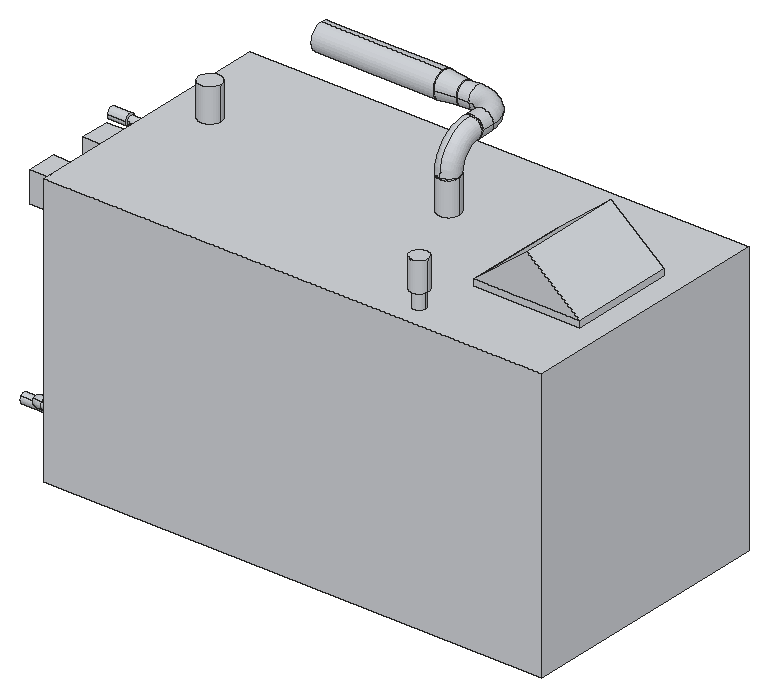
Revit family "AMP_BFIT 2000 Boiler 1", category Mechanical Equipment, Revit 2021
Family settings
  Round Connector Dimension = Use Diameter
  Part Type = Normal
  OmniClass Number = 23.75.00.00
  OmniClass Title = Climate Control (HVAC)
  Work Plane-Based = No
  Always vertical = Yes
  Cut with Voids When Loaded = No
  Shared = No
  Room Calculation Point = No
Parameters (values of type "AMP/BFIT 2000 Boiler")
  Width = 34 1/4"
  Length = 66 1/8"
  Height = 36 1/8"
  Voltage = ""
  Vent = "8\" EZ Vent"
  Manufacturer = "Bryan Steam"  # constant formula
  Hydronic Supply = "3\" Victaulic"
  Hydronic Return = "2-1/2\" Victaulic"
  Gas Train = "1-1/4\" NPT"
  Default Elevation = 0"
  Condensate Trap = "1\" Pipe"
  Boiler Drain = "3/4\" NPT"
  Air Supply = "8\""
Reference planes (in)
  plane 1 "Center (Front/Back)": y = 0
  plane 2: z = 0
  plane 3 "Center (Left/Right)": x = 0
  plane 4 "Vent": y = 3.75
  plane 5 "Condensate Trap": y = -12
  plane 6 "Supply 2.5" Victualic Elbow Style 10": x = 3.9725
  plane 7 "3" Supply Manifold": z = 44.375
  plane 8 "3" Supply Elbow Victaulic Style 10": y = 12.875
  plane 9 "Condensate Height": z = 5.75
  plane 10 "Condensate Angle": through (0, -12, 5.75) normal (0, -0.6203, -0.7843)
Forms (in)
  Extrusion 1, solid
    sketch origin (0, 0, 0) x (1, 0, 0) y (0, 1, 0)
      loop
        line (-33.0625, 17.125) -> (-33.0625, -17.125) -> (33.0625, -17.125) -> (33.0625, 17.125) -> (-33.0625, 17.125)
    from 0 to 36.125
  Extrusion 2, solid
    sketch origin (0, 0, 36.125) x (1, 0, 0) y (0, 1, 0)
      loop
        line (15.9665, 6.875) -> (15.9665, -7.125) -> (30.0625, -7.125) -> (30.0625, 6.875) -> (15.9665, 6.875)
    from 0 to 0.85156
  Extrusion 3, solid
    sketch origin (30.0625, -7.125, 36.125) x (-1, 0, 0) y (0, 0, -1)
      loop
        line (14.096, -0.85156) -> (0, -0.85156) -> (7.048, -6.57727) -> (14.096, -0.85156)
    from 0 to -14
  Extrusion 4, solid
    sketch origin (0, 0, 36.125) x (1, 0, 0) y (0, 1, 0)
      loop
        circle (-27.6875, 3.75) r 1.4375
      loop
        circle (3.9725, 3.75) r 1.4375
    from 0 to 4.375
  Extrusion 5, solid
    sketch origin (-33.0625, -17.125, 0) x (0, 1, 0) y (0, 0, -1)
      loop
        circle (28.125, -11.125) r 3.9375
      loop
        circle (28.125, -11.125) r 3.71875
    from 0 to 6.25
  Sweep 6, solid
    path origin (3.9725, 0, 0) x (0, 1, 0) y (0, 0, 1)
      loop
        line (3.72786, 40.5) -> (3.72786, 40.65)
        arc (3.72786, 40.65) -> (4.82621, 43.30165) -> (7.47786, 44.4) r 3.75
        line (7.47786, 44.4) -> (7.62786, 44.4)
    profile origin (3.9725, 3.72786, 40.575) x (0, -1, 0) y (1, 0, 0)
      loop
        circle (0, 0) r 1.41931
  Sweep 7, solid
    path origin (0, 0, 44.375) x (1, 0, 0) y (0, 1, 0)
      loop
        line (3.9725, 7.62786) -> (3.9725, 9.37786)
        arc (3.9725, 9.37786) -> (2.94737, 11.85273) -> (0.4725, 12.87786) r 3.5
        line (0.4725, 12.87786) -> (-1.1525, 12.87786)
    profile origin (3.9725, 8.50286, 44.375) x (-1, 0, 0) y (0, 0, 1)
      loop
        circle (0, 0) r 1.42969
  SweptBlend 8, solid
    path origin (0, 0, 44.375) x (1, 0, 0) y (0, 1, 0)
      loop
        line (-1.1525, 12.75286) -> (-3.9525, 12.75286)
    profile origin (-1.1525, 12.75286, 44.375) x (0, -1, 0) y (0, 0, 1)
      loop
        circle (-0.125, 0) r 1.42969
    end profile origin (-3.9525, 12.75286, 44.375) x (0, -1, 0) y (0, 0, 1)
      loop
        circle (-0.125, 0) r 1.75
  Extrusion 9, solid
    sketch origin (-3.9525, 12.87786, 44.375) x (0, 0, -1) y (0, -1, 0)
      loop
        circle (0, -0.00256) r 1.75249
    from 0 to 16.19922
  Extrusion 10, solid
    sketch origin (-33.0625, -17.125, 0) x (0, 1, 0) y (0, 0, -1)
      loop
        line (13.595, -35.9375) -> (13.595, -31.9375) -> (9.595, -31.9375) -> (9.595, -35.9375) -> (13.595, -35.9375)
      loop
        line (4.72, -35.937) -> (4.72, -31.937) -> (0.72, -31.937) -> (0.72, -35.937) -> (4.72, -35.937)
    from 0 to 2.48047
  Revolve 11, solid
    sketch origin (0, 3.75, 0) x (-1, 0, 0) y (0, 0, 1)
      loop
        line (41.5625, 23.75) -> (41.35211, 27.76449) -> (31.61547, 27.25422) -> (31.82586, 23.23972) -> (41.5625, 23.75)
      axis (31.82586, 23.23972) -> (41.5625, 23.75)
    angle from 0 to 360
  Extrusion 12, solid
    sketch origin (-33.0625, -17.125, 0) x (0, 1, 0) y (0, 0, -1)
      loop
        circle (20.875, -32.125) r 0.525
    from 0 to 5.25
  Extrusion 13, solid
    sketch origin (0, 0, 36.125) x (1, 0, 0) y (0, 1, 0)
      loop
        circle (14.1875, -13.875) r 0.83
    from 0 to 2.125
  Extrusion 14, solid
    sketch origin (0, 0, 38.25) x (1, 0, 0) y (0, 1, 0)
      loop
        circle (14.1875, -13.875) r 1.1875
    from 0 to 3.875
  Extrusion 15, solid
    sketch origin (-38.3125, -17.125, 0) x (0, 1, 0) y (0, 0, -1)
      loop
        circle (20.875, -32.125) r 0.75
    from 0 to 2.375
  Sweep 16, solid
    path origin (0, -4.06527, -0.52547) x (0, -0.784343, 0.620327) y (-1, 0, 0)
      loop
        line (10.11717, 33.0625) -> (10.11717, 37)
        arc (10.11717, 37) -> (9.67783, 38.06066) -> (8.61717, 38.5) r 1.5
        line (8.61717, 38.5) -> (5.74217, 38.5)
        arc (5.74217, 38.5) -> (4.68151, 38.93934) -> (4.24217, 40) r 1.5
        line (4.24217, 40) -> (4.24217, 43.4375)
    profile origin (-35.03125, -12.0006, 5.75048) x (0, 0.784343, -0.620327) y (0, -0.620327, -0.784343)
      loop
        circle (0, 0) r 0.6575
  Extrusion 17, solid
    sketch origin (-33.0625, -17.125, 0) x (0, 1, 0) y (0, 0, -1)
      loop
        line (33.9375, -16.9375) -> (33.9375, -5.3125) -> (22.3125, -5.3125) -> (22.3125, -16.9375) -> (33.9375, -16.9375)
    from 0 to 4.625
Dimensions and locks (in)
  "Height": Extrusion 1 to level
  equal spacing: Extrusion 1 sketch curve, plane 3 "Center (Left/Right)", Extrusion 1 sketch curve
  "Length": Extrusion 1 sketch curve to Extrusion 1 sketch curve
  equal spacing: Extrusion 1 sketch curve, plane 1 "Center (Front/Back)", Extrusion 1 sketch curve
  "Width": Extrusion 1 sketch curve to Extrusion 1 sketch curve
  locked: Extrusion 2 sketch curve to Extrusion 1 at 3
  locked: Extrusion 2 sketch curve to Extrusion 2 sketch curve at 14.096
  locked: Extrusion 2 sketch curve to Extrusion 2 sketch curve at 14
  locked: Extrusion 2 sketch curve to Extrusion 1 at 10
  locked: Extrusion 1 to Extrusion 4 sketch curve at 13.375  (x2)
  locked: Extrusion 1 to Extrusion 5 sketch curve at 11.125  (x2)
  locked: Extrusion 1 to Extrusion 5 sketch curve at 6.125
  locked: Sweep 6 sketch curve to Sweep 6 sketch curve at 3.9  (x2)
  locked: level to plane 7 "3" Supply Manifold" at 44.375
  Sweep 7 sketch curve to Sweep 6 = 5 1/4"
  Sweep 7 sketch curve to Sweep 7 sketch curve = 5 1/8"
  locked: SweptBlend 8 sketch curve to SweptBlend 8 sketch curve at 2.8
  SweptBlend 8 sketch curve to Sweep 7 = 0"
  plane 3 "Center (Left/Right)" to plane 6 "Supply 2.5" Victualic Elbow Style 10" = 3.9725"
  locked: plane 8 "3" Supply Elbow Victaulic Style 10" to plane 1 "Center (Front/Back)" at 12.875
  locked: plane 4 "Vent" to plane 1 "Center (Front/Back)" at 3.75
  locked: plane 5 "Condensate Trap" to plane 1 "Center (Front/Back)" at 12
  locked: Extrusion 10 sketch curve to Extrusion 10 sketch curve at 4  (x4)
  locked: Revolve 11 sketch curve to Revolve 11 sketch curve at 4.02
  Extrusion 1 to Extrusion 12 sketch curve = 13 3/8"
  Extrusion 1 to Extrusion 12 sketch curve = 32 1/8"
  locked: Extrusion 1 to Extrusion 4 sketch curve at 5.375
  locked: Extrusion 1 to Extrusion 13 sketch curve at 3.25
  locked: Extrusion 13 sketch curve to Extrusion 1 at 18.875
  locked: Extrusion 14 sketch curve to Extrusion 1 at 18.875
  locked: Extrusion 1 to Extrusion 14 sketch curve at 3.25
  locked: Extrusion 1 to Extrusion 15 sketch curve at 4
  locked: Extrusion 1 to Extrusion 15 sketch curve at 13.375
  locked: plane 9 "Condensate Height" to level at 5.75
  Sweep 16 sketch curve to Extrusion 1 = 10 3/8"
  Sweep 16 sketch curve to Extrusion 1 = 5 7/16"
  Sweep 16 sketch curve to Sweep 16 sketch curve = 5 7/8"
  locked: Extrusion 17 sketch curve to Extrusion 17 sketch curve at 11.625  (x2)
  locked: Extrusion 17 sketch curve to Extrusion 1 at 5.3125
  locked: Extrusion 1 to Extrusion 17 sketch curve at 0.3125
  diameter of Extrusion 5 sketch curve = 7 7/16"
  diameter of Extrusion 5 sketch curve = 7 7/8"
  diameter of Extrusion 13 sketch curve = 1.66"
  diameter of Extrusion 14 sketch curve = 2 3/8"
  diameter of Extrusion 15 sketch curve = 1 1/2"
  diameter of Sweep 16 sketch curve = 1.315"
  locked: plane 9 "Condensate Height" to plane 10 "Condensate Angle" (angle 38.34°)
  aligned and locked: level to plane 2
Automatic sketch dimensions
  Extrusion 3 sketch curve to Extrusion 2 = 0"  (x3)
  Extrusion 3 sketch curve to Extrusion 2 = 7.048"
  Extrusion 3 sketch curve to Extrusion 2 = 5.72571"
  Extrusion 5 sketch curve to Extrusion 5 sketch curve = 0"
  Sweep 6 sketch curve to plane 4 "Vent" = 0.02214"
  plane 4 "Vent" to Sweep 6 sketch curve = 3.72786"
  Sweep 6 sketch curve to plane 6 "Supply 2.5" Victualic Elbow Style 10" = 0"
  Sweep 6 sketch curve to profile plane = 0"
  Sweep 7 sketch curve to plane 6 "Supply 2.5" Victualic Elbow Style 10" = 0"
  Sweep 7 sketch curve to Sweep 7 sketch curve = 1 5/8"
  Sweep 7 sketch curve to Sweep 7 sketch curve = 1 3/4"
  Sweep 7 sketch curve to plane 7 "3" Supply Manifold" = 0"
  Sweep 7 sketch curve to profile plane = 0"
  plane 4 "Vent" to SweptBlend 8 sketch curve = 9.00286"
  SweptBlend 8 sketch curve to plane 7 "3" Supply Manifold" = 0"  (x2)
  profile plane to SweptBlend 8 sketch curve = 1/8"  (x2)
  Revolve 11 sketch curve to Revolve 11 sketch curve = 5.78139"
  Revolve 11 sketch curve to Revolve 11 sketch curve = 4.32851"
  Revolve 11 sketch curve to Revolve 11 sketch curve = 0.21039"
  Revolve 11 sketch curve to Revolve 11 sketch curve = 0"  (x2)
  Extrusion 4 sketch curve to Extrusion 1 = 29.09"
  Sweep 6 sketch curve to plane 7 "3" Supply Manifold" = 3.725"
  Extrusion 1 to Extrusion 10 sketch curve = 0.188"
  Extrusion 10 sketch curve to Extrusion 1 = 0.72"
  Extrusion 1 to Extrusion 10 sketch curve = 3/16"
  Extrusion 10 sketch curve to Extrusion 10 sketch curve = 4 7/8"
  Revolve 11 sketch curve to plane 3 "Center (Left/Right)" = 31.61547"
  Revolve 11 sketch curve to plane 7 "3" Supply Manifold" = 16.61051"
  Revolve 11 sketch curve to Revolve 11 sketch curve = 9.73664"
  Sweep 16 sketch curve to plane 3 "Center (Left/Right)" = 40"
  Sweep 16 sketch curve to Sweep 16 sketch curve = 1 1/2"
  Sweep 16 sketch curve to Sweep 16 sketch curve = 3 15/16"
  plane 10 "Condensate Angle" to Sweep 16 sketch curve = 0"
  Sweep 16 sketch curve to profile plane = 0"
  radius of Sweep 6 sketch curve = 1.41931"
  radius of Sweep 7 sketch curve = 1 55/128"
  radius of Extrusion 9 sketch curve = 1.75249"
  radius of SweptBlend 8 sketch curve = 1 55/128"
  radius of SweptBlend 8 sketch curve = 1 3/4"
  radius of Extrusion 4 sketch curve = 1 7/16"  (x2)
  radius of Extrusion 12 sketch curve = 0.525"
Connectors (in)
  piping at (-27.6875, 3.75, 40.5), diameter 2.5
    settings: on Extrusion 4, index 2, connector inside diameter 24", connector length 0", flow factor 0, pipe flow 0 GPM, pressure drop 0.00 psi, fitting loss kfactor 0, connector angle 0.00°, fixture units 0, engagement length 0", angle of deflection 0.00°, flow configuration 0, flow direction 1, fitting loss method 0, system type 8, joint type 0, gender type 0, connector reference index -1, connector utility 0, adjustable connector no, is connector primary yes, connector description ""
  piping at (-39.3125, 11, 11.125), diameter 8
    settings: on Extrusion 5, index 4, connector inside diameter 24", connector length 0", flow factor 0, pipe flow 0 GPM, pressure drop 0.00 psi, fitting loss kfactor 0, connector angle 0.00°, fixture units 0, engagement length 0", angle of deflection 0.00°, flow configuration 0, flow direction 1, fitting loss method 0, system type 22, joint type 0, gender type 0, connector reference index -1, connector utility 0, adjustable connector no, is connector primary no, connector description ""
  piping at (-41.5625, 3.75, 23.75), diameter 8
    settings: on Revolve 11, index 5, connector inside diameter 24", connector length 0", flow factor 0, pipe flow 0 GPM, pressure drop 0.00 psi, fitting loss kfactor 0, connector angle 0.00°, fixture units 0, engagement length 0", angle of deflection 0.00°, flow configuration 0, flow direction 2, fitting loss method 0, system type 17, joint type 0, gender type 0, connector reference index -1, connector utility 0, adjustable connector no, is connector primary no, connector description ""
  piping at (-20.15172, 12.88041, 44.375), diameter 3
    settings: on Extrusion 9, index 8, connector inside diameter 24", connector length 0", flow factor 0, pipe flow 0 GPM, pressure drop 0.00 psi, fitting loss kfactor 0, connector angle 0.00°, fixture units 0, engagement length 0", angle of deflection 0.00°, flow configuration 0, flow direction 2, fitting loss method 0, system type 7, joint type 0, gender type 0, connector reference index -1, connector utility 0, adjustable connector no, is connector primary no, connector description ""
  piping at (14.1875, -13.875, 42.125), diameter 1.25
    settings: on Extrusion 14, index 10, connector inside diameter 24", connector length 0", flow factor 0, pipe flow 0 GPM, pressure drop 0.00 psi, fitting loss kfactor 0, connector angle 0.00°, fixture units 0, engagement length 0", angle of deflection 0.00°, flow configuration 0, flow direction 1, fitting loss method 0, system type 22, joint type 0, gender type 0, connector reference index -1, connector utility 0, adjustable connector no, is connector primary no, connector description ""
  piping at (-40.6875, 3.75, 32.125), diameter 0.75
    settings: on Extrusion 15, index 11, connector inside diameter 24", connector length 0", flow factor 0, pipe flow 0 GPM, pressure drop 0.00 psi, fitting loss kfactor 0, connector angle 0.00°, fixture units 0, engagement length 0", angle of deflection 0.00°, flow configuration 0, flow direction 2, fitting loss method 0, system type 22, joint type 0, gender type 0, connector reference index -1, connector utility 0, adjustable connector no, is connector primary no, connector description ""
  piping at (-43.4375, -7.39259, 2.10606), diameter 1
    settings: on Sweep 16, index 12, connector inside diameter 24", connector length 0", flow factor 0, pipe flow 0 GPM, pressure drop 0.00 psi, fitting loss kfactor 0, connector angle 0.00°, fixture units 0, engagement length 0", angle of deflection 0.00°, flow configuration 0, flow direction 2, fitting loss method 0, system type 22, joint type 0, gender type 0, connector reference index -1, connector utility 0, adjustable connector no, is connector primary no, connector description ""
